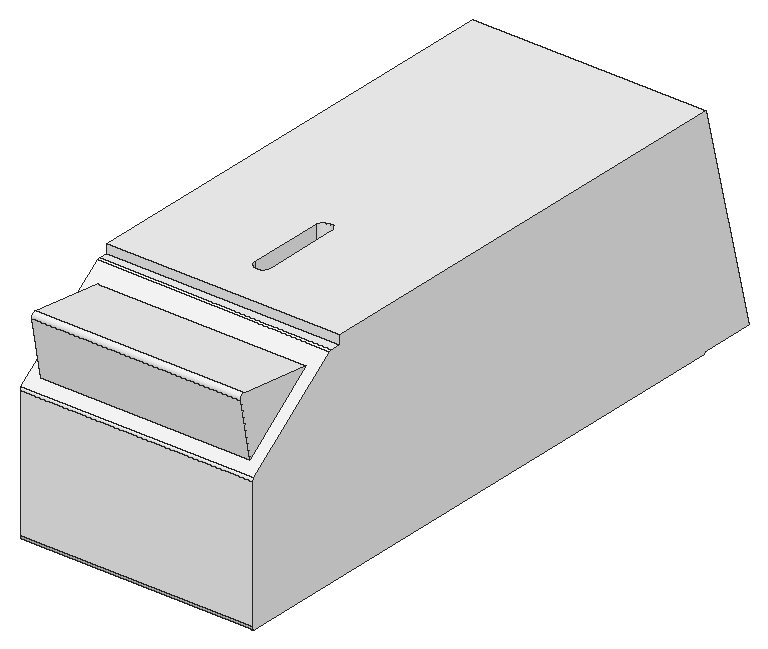
Revit family "NBS_DudleyIndustries_SoapDpnsrs_PlasmaRange_SoapDispenser1Litre", category Specialty Equipment, host Face, Revit 2016
Family settings
  Host = Face
  Part Type = Normal
  Round Connector Dimension = Use Diameter
  OmniClass Number = 23.40.20.21.34
  OmniClass Title = Soap Holders, Dispensers
  Cut with Voids When Loaded = No
  Shared = No
  Room Calculation Point = No
Parameters (values of type "PlasmaRangeSoapDispenser1Litre ")
  WarrantyStartDate [instance] = "1900-12-31T23:59:59"
  WarrantyGuarantorParts = "sales@dudleyindustries.com"
  WarrantyGuarantorLabor = "n/a"
  WarrantyDurationUnit = "year"
  WarrantyDurationParts = "1"
  WarrantyDurationLabor = "n/a"
  WarrantyDescription = "1 year warranty"
  Version = "2"  # constant formula
  Uniclass2015Version = "Products v1.7"
  Uniclass2015Title = "Soap dispensers"
  Uniclass2015Code = "Pr_40_70_22_81"
  TagNumber [instance] = "n/a"
  SustainabilityPerformance = "n/a"
  Style = "Soap dispenser"
  Size = "112 x 250 x 93 mm"
  Shape = "n/a"
  SerialNumber [instance] = "n/a"
  Revision = "n/a"
  ReplacementCost = "n/a"
  ProductInformation = "www.dudleyindustries.com/wp-content/uploads/2016/11/1-Litre-Soap-Dispenser-1.pdf"
  Operation = "Manual push operation"
  NominalWidth = 101 mm  # constant formula
  NominalLength = 101 mm  # constant formula
  NominalHeight = 269 mm  # constant formula
  NominalDepth = 95 mm  # constant formula
  Name = "SoapDispensers_PlasmaRange:SoapDispenser1Litre_DudleyIndustries"
  NBSTypeID = "n/a"
  NBSReference = "45-35-72/358"
  NBSOfficeMasterTag = "n/a"
  NBSNote = "n/a"
  NBSDescription = "Soap dispensers"
  NBSCertification = "www.nationalbimlibrary.com/cert/0zgvse25"
  ModelReference = "Plasma Range: Soap Dispenser 1 Litre"
  ModelNumber = "50300"
  MaterialsFinishColour = "Brushed (50300SS), Polished (50300PS), Coated (50300CB), White Powder Coated (50300WH)"
  MaterialsBody = "Stainless Steel"
  Material = "Stainless Steel"
  ManufacturerURL = "www.dudleyindustries.com/"
  ManufacturerName = "Dudley Industries"  # constant formula
  Manufacturer = "sales@dudleyindustries.com"
  MainColor = "Stainless Steel"
  IntegralAccessories = "n/a"
  InstallationDate [instance] = "1900-12-31T23:59:59"
  IfcExportType = "NOTDEFINED"  # constant formula
  IfcExportAs = "IfcFurnitureType"  # constant formula
  Grade = "n/a"
  Form = "Wall mounted"
  Finish = "Brushed (50440SS), Polished (50440PS)"
  Features = "n/a"
  ExpectedLife = "5"
  EnvironmentalProductDeclaration = "n/a"
  DurationUnit = "year"
  DispenserLockMaterial = NBS_Concept
  DispenserCaseMaterial = NBS_Concept
  Description = "1 Litre Soap Dispenser"
  Default Elevation = 1200 mm
  Constituents = "n/a"
  Color = "Stainless steel, White"
  CodePerformance = "n/a"
  Category = "Pr_40_70_22_81:Soap dispensers"
  BarCode [instance] = "n/a"
  BIMObjectName = "NBS_DudleyIndustries_SoapDispensers_PlasmaRange_SoapDispenser1Litre"
  Author = "NBS"  # constant formula
  AssetType = "Fixed"
  AssetIdentifier [instance] = "n/a"
  AccessibilityPerformance = "n/a"
Reference planes
  plane 1 "Center (Front/Back)": y = 0
  plane 2: z = 0
  plane 3 "Center (Left/Right)": x = 0
  plane 4: x = -50.5
  plane 5: x = 50.5
  plane 6: y = -124.592
  plane 7: z = 95
  plane 8: through (-56, -123.171, 60.459) normal (0, -0.6018, 0.7986)
  plane 9: through (-56, -87.708, 87.182) normal (0, 0.6018, -0.7986)
  plane 10: y = -77.581
  plane 11: z = 0.723
  plane 12: z = 1.647
  plane 13: z = 91.302
  plane 14: through (-45.425, -119.358, 90.141) normal (0, 0.1272, 0.9919)
  plane 15: through (-45.425, -122.702, 78.833) normal (0, -0.9816, -0.1908)
  plane 16: through (-45.425, -83.901, 90.051) normal (0, 0.6018, -0.7986)
  plane 17: z = 29.411
  plane 18: y = 144.408
  plane 19 "Lock": through (0, 130.086, 57.442) normal (0, -0.9703, -0.2419)
  plane 20: x = -45.425
  plane 21: x = 45.075
  plane 22: through (-50.5, -122.597, 60.892) normal (0, -0.6018, 0.7986)
  plane 23: through (-50.5, -97.195, 87.299) normal (0, -0.1272, -0.9919)
  plane 24: through (-50.5, -120.672, 68.388) normal (0, -0.9816, -0.1908)
Forms (mm)
  Extrusion 1, solid, material "NBS_Concept" <- "DispenserCaseMaterial", detail levels coarse
    sketch origin (-56, 0, 0) x (0, 1, 0) y (0, 0, 1)
      loop
        line (-124.592, 59.388) -> (-124.592, 0) -> (144.408, 0) -> (120.722, 95) -> (-77.334, 95) -> (-124.592, 59.388)
    from 5.5 to 106.5
  Extrusion 2, solid, material "NBS_Concept" <- "DispenserCaseMaterial", detail levels medium+fine
    sketch origin (-56, 0, 0) x (0, 1, 0) y (0, 0, 1)
      loop
        line (-82.729, 90.935) -> (-124.053, 59.795)
        arc (-124.053, 59.795) -> (-124.45, 59.318) -> (-124.592, 58.713) r 1.355
        line (-124.592, 58.713) -> (-124.592, 2.115)
        arc (-124.592, 2.115) -> (-124.184, 1.131) -> (-123.2, 0.723) r 1.393
        line (-123.2, 0.723) -> (118.968, 0.723)
        arc (118.968, 0.723) -> (119.905, 0.97) -> (120.599, 1.647) r 1.9
        line (120.599, 1.647) -> (143.997, 1.647) -> (120.722, 95) -> (-77.581, 95) -> (-77.581, 91.302) -> (-81.632, 91.302)
        arc (-81.632, 91.302) -> (-82.21, 91.208) -> (-82.729, 90.935) r 1.823
    from 5.5 to 106.5
  Extrusion 3, solid, material "NBS_Concept" <- "DispenserCaseMaterial", detail levels medium+fine
    sketch origin (-45.425, 0, 0) x (0, 1, 0) y (0, 0, 1)
      loop
        line (-119.647, 63.115) -> (-88.955, 86.243) -> (-122.508, 90.545)
        arc (-122.508, 90.545) -> (-124.089, 89.976) -> (-124.554, 88.362) r 1.845
        line (-124.554, 88.362) -> (-119.647, 63.115)
    from 0 to 90.5
  Extrusion 4, solid, material "NBS_Concept" <- "DispenserLockMaterial", detail levels medium+fine
    sketch origin (0, 121.013, 30.172) x (0, 0.241922, -0.970296) y (1, 0, 0)
      loop
        circle (1.339, 0) r 10
      loop
        circle (1.379, 0) r 6.5
      loop
        line (-4.289, -1.117) -> (5.433, -1.117) -> (5.433, 1.097) -> (-4.289, 1.097) -> (-4.289, -1.117)
    from -15.401 to -13.401
  Extrusion 5, solid, material "NBS_Concept", detail levels coarse
    sketch origin (-50.5, 0, 0) x (0, 1, 0) y (0, 0, 1)
      loop
        line (-88.955, 86.243) -> (-125.042, 90.869) -> (-119.647, 63.115) -> (-88.955, 86.243)
    from 5.075 to 95.575
  Extrusion 6, void, detail levels medium+fine
    sketch origin (0, 0, 0) x (1, 0, 0) y (0, 1, 0)
      loop
        line (-3.519, -23.12) -> (-3.519, -56.12)
        arc (-3.519, -56.12) -> (-0.019, -59.62) -> (3.481, -56.12) r 3.5
        line (3.481, -56.12) -> (3.481, -23.12)
        arc (3.481, -23.12) -> (-0.019, -19.62) -> (-3.519, -23.12) r 3.5
    from 29.411 to 95
Cuts and joins
  Extrusion 6 cuts Extrusion 1
  Extrusion 6 cuts Extrusion 2
Dimensions and locks
  "NominalWidth": plane 4 to plane 5
  "NominalDepth": plane 7 to plane 2
  "NominalHeight": plane 6 to plane 18
  plane 4 to plane 5 = 101 mm
  aligned and locked: plane 2 to host face
  aligned and locked: level to host face
  aligned and locked: Extrusion 1 sketch curve to plane 8
  aligned and locked: Extrusion 1 to plane 4
  aligned and locked: plane 5 to Extrusion 1
  aligned and locked: Extrusion 2 sketch curve to plane 9
  aligned and locked: Extrusion 2 sketch curve to plane 10
  aligned and locked: Extrusion 2 sketch curve to plane 11
  aligned and locked: Extrusion 2 sketch curve to plane 12
  aligned and locked: Extrusion 2 sketch curve to plane 13
  aligned and locked: Extrusion 2 to plane 4
  aligned and locked: plane 5 to Extrusion 2
  aligned and locked: Extrusion 3 sketch curve to plane 15
  aligned and locked: Extrusion 3 sketch curve to plane 14
  aligned and locked: Extrusion 3 sketch curve to plane 16
  aligned and locked: Extrusion 2 sketch curve to plane 19 "Lock"
  aligned and locked: Extrusion 1 sketch curve to plane 19 "Lock"
  aligned and locked: Extrusion 1 to Extrusion 4
  aligned and locked: Extrusion 3 to plane 20
  aligned and locked: plane 21 to Extrusion 3
  aligned and locked: Extrusion 5 sketch curve to plane 23
  aligned and locked: Extrusion 5 sketch curve to plane 24
  aligned and locked: Extrusion 5 to Extrusion 3  (x2)
  aligned and locked: Extrusion 6 to plane 17
  aligned and locked: Extrusion 6 to plane 7
Automatic sketch dimensions
  host sketch curve to host sketch curve = 228.707 mm
  host sketch curve to host sketch curve = 382.177 mm
  Extrusion 1 sketch curve to level = 0 mm
  Extrusion 1 sketch curve to plane 6 = 0 mm
  plane 7 to Extrusion 1 sketch curve = 0 mm
  Extrusion 2 sketch curve to plane 6 = 0 mm
  plane 7 to Extrusion 2 sketch curve = 0 mm
  Extrusion 2 sketch curve to plane 6 = 0.539 mm
  Extrusion 2 sketch curve to Extrusion 2 sketch curve = 0.815 mm
  Extrusion 2 sketch curve to plane 6 = 1.393 mm
  plane 13 to Extrusion 2 sketch curve = 0.367 mm
  Extrusion 2 sketch curve to Extrusion 2 sketch curve = 1.097 mm
  Extrusion 2 sketch curve to Extrusion 2 sketch curve = 25.029 mm
  Extrusion 2 sketch curve to Extrusion 2 sketch curve = 1.63 mm
  Extrusion 3 sketch curve to plane 6 = 2.084 mm
  Extrusion 3 sketch curve to Extrusion 3 sketch curve = 0.235 mm
  Extrusion 3 sketch curve to plane 6 = 0.038 mm
  Extrusion 5 sketch curve to plane 22 = 0 mm  (x2)
  Extrusion 4 sketch curve to plane 3 "Center (Left/Right)" = 0 mm  (x2)
  plane 3 "Center (Left/Right)" to Extrusion 4 sketch curve = 1.097 mm
  Extrusion 4 sketch curve to Extrusion 4 sketch curve = 5.627 mm
  Extrusion 4 sketch curve to Extrusion 4 sketch curve = 0.04 mm
  Extrusion 4 sketch curve to plane 3 "Center (Left/Right)" = 1.117 mm
  Extrusion 4 sketch curve to Extrusion 4 sketch curve = 4.054 mm
  Extrusion 6 sketch curve to plane 3 "Center (Left/Right)" = 3.519 mm
  Extrusion 6 sketch curve to plane 3 "Center (Left/Right)" = 0.019 mm
  plane 1 "Center (Front/Back)" to Extrusion 6 sketch curve = 56.12 mm
  plane 1 "Center (Front/Back)" to Extrusion 6 sketch curve = 23.12 mm
  radius of Extrusion 4 sketch curve = 10 mm
  radius of Extrusion 4 sketch curve = 6.5 mm
